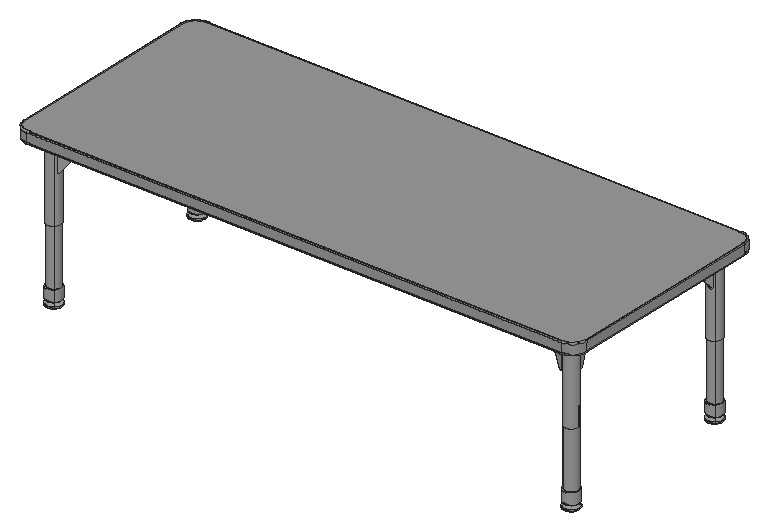
Revit family "Hierarchy Activity 60x24 Rectangle Table - Youth Height", category Furniture, Revit 2018
Family settings
  Work Plane-Based = No
  Always vertical = Yes
  Cut with Voids When Loaded = No
  Shared = No
  Room Calculation Point = No
Parameters
  Table Height = 1' - 4"
  Surface = Hierarchy Activity 60x24 Rectangle Table Youth Surface
  Leg Finish = Hierarchy Leg Platinum
  Edgeband = Hierarchy Activity 60x24 Rectangle Table Youth Edgeband
  Caster/Glide = Hierarchy Youth Leg - Glide : Hierarchy Youth Leg - Glide
Reference planes (in)
  plane 1 "Center (Front/Back)": y = 0
  plane 2: z = 0
  plane 3 "Center (Left/Right)": x = 0
  plane 4: z = 16
Dimensions and locks (in)
  "Table Height": plane 4 to level
  aligned and locked: plane 2 to level
  aligned and locked: nested 1 to plane 4
Nested families (in)
  nested 1: "Activity 60x24 Tabletop" at (0, 0, -7.925), type "Activity 60x24 Tabletop"
  nested 2: "Hierarchy Youth Leg - Glide" at (-27.59074, 9.56213, 0) x (0.7071, 0.7071, 0) z (0, 0, 1), type <- "Caster/Glide", Leg Finish <- "Leg Finish", Leg Height <- "Table Height", type "Hierarchy Youth Leg - Glide"
    with Leg Height 1' - 4", Leg Finish Hierarchy Leg Platinum
  nested 3: "Hierarchy Youth Leg - Glide" at (-27.59074, -9.56213, 0) x (-0.7071, 0.7071, 0) z (0, 0, 1), type <- "Caster/Glide", Leg Finish <- "Leg Finish", Leg Height <- "Table Height", type "Hierarchy Youth Leg - Glide"
    with Leg Height 1' - 4", Leg Finish Hierarchy Leg Platinum
  nested 4: "Hierarchy Youth Leg - Glide" at (27.59074, -9.56213, 0) x (-0.7071, -0.7071, 0) z (0, 0, 1), Leg Finish <- "Leg Finish", Leg Height <- "Table Height", type "Hierarchy Youth Leg - Glide"
    with Leg Height 1' - 4", Leg Finish Hierarchy Leg Platinum
  nested 5: "Hierarchy Youth Leg - Glide" at (27.59074, 9.56213, 0) x (0.7071, -0.7071, 0) z (0, 0, 1), Leg Finish <- "Leg Finish", Leg Height <- "Table Height", type "Hierarchy Youth Leg - Glide"
    with Leg Height 1' - 4", Leg Finish Hierarchy Leg Platinum
Definition of nested family "Activity 60x24 Tabletop"
  Parameters (values of type "Activity 60x24 Tabletop")
    Surface = none
    Edgeband = none
  Reference planes (in)
    plane 1 "Center (Front/Back)": y = 0
    plane 2: z = 0
    plane 3 "Center (Left/Right)": x = 0
  Forms (in)
    Extrusion 1, solid, material <- "Surface"
      sketch origin (0, 0, 0) x (1, 0, 0) y (0, 1, 0)
        loop
          line (28.5, 11.88189) -> (-28.5, 11.88189)
          arc (-28.5, 11.88189) -> (-29.47714, 11.47714) -> (-29.88189, 10.5) r 1.38189
          line (-29.88189, 10.5) -> (-29.88189, -10.5)
          arc (-29.88189, -10.5) -> (-29.47714, -11.47714) -> (-28.5, -11.88189) r 1.38189
          line (-28.5, -11.88189) -> (28.5, -11.88189)
          arc (28.5, -11.88189) -> (29.47714, -11.47714) -> (29.88189, -10.5) r 1.38189
          line (29.88189, -10.5) -> (29.88189, 10.5)
          arc (29.88189, 10.5) -> (29.47714, 11.47714) -> (28.5, 11.88189) r 1.38189
      from 23.925 to 25.125
    Sweep 2, solid, material <- "Edgeband"
      path origin (0, 0, 0) x (1, 0, 0) y (0, 1, 0)
        loop
          line (28.5, 11.88189) -> (-28.5, 11.88189)
          arc (-28.5, 11.88189) -> (-29.47714, 11.47714) -> (-29.88189, 10.5) r 1.38189
          line (-29.88189, 10.5) -> (-29.88189, -10.5)
          arc (-29.88189, -10.5) -> (-29.47714, -11.47714) -> (-28.5, -11.88189) r 1.38189
          line (-28.5, -11.88189) -> (28.5, -11.88189)
          arc (28.5, -11.88189) -> (29.47714, -11.47714) -> (29.88189, -10.5) r 1.38189
          line (29.88189, -10.5) -> (29.88189, 10.5)
          arc (29.88189, 10.5) -> (29.47714, 11.47714) -> (28.5, 11.88189) r 1.38189
      profile origin (0, 11.88189, 0) x (0, -1, 0) y (0, 0, 1)
        loop
          arc (-0.11811, 24.04311) -> (-0.08352, 23.95959) -> (0, 23.925) r 0.11811
          line (0, 23.925) -> (0, 25.125)
          arc (0, 25.125) -> (-0.08352, 25.09041) -> (-0.11811, 25.00689) r 0.11811
          line (-0.11811, 25.00689) -> (-0.11811, 24.04311)
  Dimensions and locks (in)
    aligned and locked: plane 2 to level
Definition of nested family "Hierarchy Youth Leg - Glide"
  Parameters (values of type "Hierarchy Youth Leg - Glide")
    Leg Finish [instance] = none
    Leg Height [instance] = 1' - 4.80117"
  Reference planes (in)
    plane 1 "Center (Front/Back)": y = 0
    plane 2: z = 0
    plane 3 "Center (Left/Right)": x = 0
  Forms (in)
    Extrusion 1, solid
      sketch origin (-0.01562, 0, 0) x (1, 0, 0) y (0, 1, 0)
        loop
          circle (0.01563, 0) r 0.67016
      from 0.67618 to 10.55018
    Revolve 2, solid
      sketch origin (0, 0, 0) x (1, 0, 0) y (0, 0, 1)
        loop
          line (-0.73189, 1.80118) -> (-0.79439, 1.73867) -> (-0.79439, 0.61381) -> (-0.73176, 0.55118) -> (-0.125, 0.55118) -> (-0.125, 0.42618) -> (-0.84656, 0.16241) -> (-0.84656, 0.08994) -> (-0.81359, 0) -> (0, 0) -> (0, 1.80118) -> (-0.73189, 1.80118)
        axis (0, 1.80118) -> (0, 0)
      angle from 0 to 360
  Dimensions and locks (in)
    "Leg Height": nested 1 to level  (x2)
    aligned and locked: plane 2 to level
  Automatic sketch dimensions
    plane 1 "Center (Front/Back)" to Extrusion 1 sketch curve = 0' - 0"
    Extrusion 1 sketch curve to plane 3 "Center (Left/Right)" = 0' - 0"
    Revolve 2 sketch curve to level = 0' - 0"
    Revolve 2 sketch curve to plane 3 "Center (Left/Right)" = 0' - 0"  (x2)
    Revolve 2 sketch curve to plane 3 "Center (Left/Right)" = 0' - 0 1/8"
    Revolve 2 sketch curve to Revolve 2 sketch curve = 0' - 0.60676"
    Revolve 2 sketch curve to Revolve 2 sketch curve = 0' - 0.73189"
    Revolve 2 sketch curve to Revolve 2 sketch curve = 0' - 0.06263"  (x2)
    Revolve 2 sketch curve to Revolve 2 sketch curve = 0' - 0.08183"
    Revolve 2 sketch curve to Revolve 2 sketch curve = 0' - 0.03297"
    level to Revolve 2 sketch curve = 0' - 0.08994"
    Revolve 2 sketch curve to Revolve 2 sketch curve = 0' - 0.07247"
    level to Revolve 2 sketch curve = 0' - 0.42618"
    Revolve 2 sketch curve to Revolve 2 sketch curve = 0' - 0 1/8"
    Revolve 2 sketch curve to Revolve 2 sketch curve = 0' - 1.12486"
    Revolve 2 sketch curve to Revolve 2 sketch curve = 0' - 0 1/16"
    Revolve 2 sketch curve to level = 2' - 0"
    Revolve 2 sketch curve to Revolve 2 sketch curve = 8' - 4.91764"
    radius of Extrusion 1 sketch curve = 0' - 0.67016"
  Nested families (in)
    nested 1: "Hierarchy Youth Upper Leg 2023" at (0, 0, 0), Leg Finish <- "Leg Finish", type "Hierarchy Youth Upper Leg 2023"
      with Leg Finish none
  Definition of nested family "Hierarchy Youth Upper Leg 2023"
    Parameters (values of type "Hierarchy Youth Upper Leg 2023")
      Leg Finish [instance] = none
    Reference planes (in)
      plane 1 "Center (Front/Back)": y = 0
      plane 2: z = 0
      plane 3 "Center (Left/Right)": x = 0
    Forms (in)
      Extrusion 1, solid, material <- "Leg Finish"
        sketch origin (0, 0, -11.001) x (1, 0, 0) y (0, 1, 0)
          loop
            circle (0, 0) r 0.75
        from 19.67618 to 27.67618
      Extrusion 2, solid, material <- "Leg Finish"
        sketch origin (0, 0, -11.001) x (1, 0, 0) y (0, 1, 0)
          loop
            line (-1.70174, 0.19183) -> (-2.88626, -2.26116)
            arc (-2.88626, -2.26116) -> (-2.83993, -3.09822) -> (-2.1063, -3.50394) r 0.86614
            line (-2.1063, -3.50394) -> (2.1063, -3.50394)
            arc (2.1063, -3.50394) -> (2.83993, -3.09822) -> (2.88626, -2.26116) r 0.86614
            line (2.88626, -2.26116) -> (1.70174, 0.19183)
            arc (1.70174, 0.19183) -> (0, 1.25984) -> (-1.70174, 0.19183) r 1.88976
        from 27.67618 to 27.80217
      Extrusion 3, solid, material <- "Leg Finish"
        sketch origin (-1.48519, 8.66524, -11.001) x (-0.434844, 0.900506, 0) y (0, 0, 1)
          loop
            line (-9.01425, 27.67618) -> (-11.80952, 27.67618)
            arc (-11.80952, 27.67618) -> (-11.92325, 27.58993) -> (-11.87088, 27.45715) r 0.11811
            arc (-11.87088, 27.45715) -> (-10.39364, 26.29679) -> (-9.23328, 24.81955) r 7.87402
            arc (-9.23328, 24.81955) -> (-9.1005, 24.76717) -> (-9.01425, 24.88091) r 0.11811
            line (-9.01425, 24.88091) -> (-9.01425, 27.67618)
        from -1.94075 to -1.81476
      Extrusion 4, solid, material <- "Leg Finish"
        sketch origin (1.48519, 8.66524, -11.001) x (0.434844, 0.900506, 0) y (0, 0, -1)
          loop
            line (-9.01425, -27.67618) -> (-9.01425, -24.88091)
            arc (-9.01425, -24.88091) -> (-9.1005, -24.76717) -> (-9.23328, -24.81955) r 0.11811
            arc (-9.23328, -24.81955) -> (-10.39364, -26.29679) -> (-11.87088, -27.45715) r 7.87402
            arc (-11.87088, -27.45715) -> (-11.92325, -27.58993) -> (-11.80952, -27.67618) r 0.11811
            line (-11.80952, -27.67618) -> (-9.01425, -27.67618)
        from -1.94075 to -1.81476
    Dimensions and locks (in)
      aligned and locked: plane 2 to level
